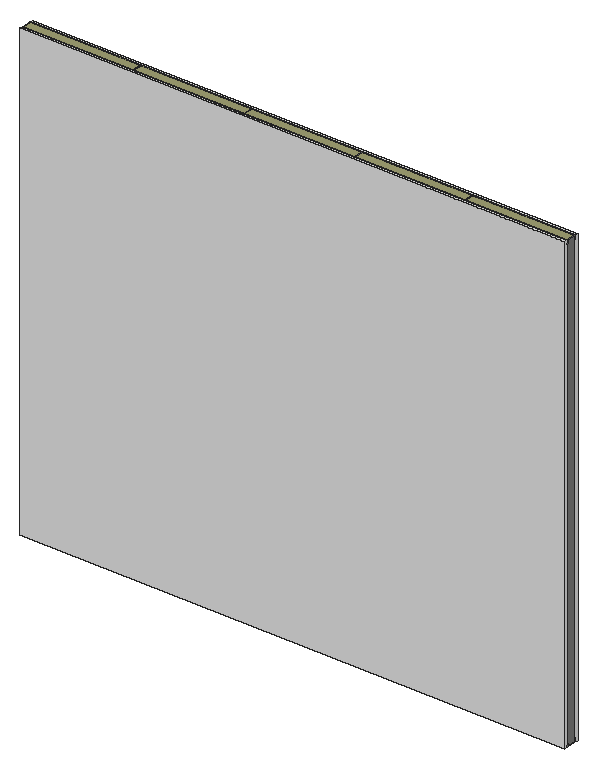
Revit family "Single layers wall system - Rigislab (STC 45_Uvalue 0.586)", category Structural Stiffeners, Revit 2020
Family settings
  OmniClass Number = 23.25.30.11.27
  OmniClass Title = Vibration and Earthquake Controls
  Cut with Voids When Loaded = No
  Shared = No
Parameters (values of type "STC 45(Plasterboard)")
  U-Value (W/m2k) = "0.586"
  U Value Report = ""
  Type of Insulation = "Glass Mineral Wool Semi-rigid slab"
  Thermal R Value = 1.4
  Thermal K Value = 0.348
  System Description = "1. Gypsum Plasterboard-12mm\r\n2. Ecowool Rigislab 50mm x 20kg/m3\r\n3. Stud 64mm r\r\n4. Gypsum Plasterboard-12mm"
  Sustainability - Same documentation for all selection = ""
  SubW [instance] = roundup([built-in parameter 1001306] / 609 mm) * 609 mm  # 3045 mm
  SubL [instance] = if([built-in parameter 1001306] > 1218 mm, No Insulation * 609 mm, if([built-in parameter 1001306] > 609 mm, 609 mm, if([built-in parameter 1001306] > 0 mm, 0 mm, No Insulation * 609 mm))) + 1 mm  # 2437 mm
  STC Report = ""
  STC No = "45"
  Remarks = "Recommended for drywall partition applications where some acoustic performance\r\nare required. Such as office & commercial environment"
  No Metal Stud [instance] = ([built-in parameter 1001306] / [Metal Stud Spacer (mm)])  # 5
  No Insulation [instance] = roundup(SubW / 609 mm) - 1  # 4
  Metal Stud Width = [Insulation Thickness (mm)]  # 55 mm
  Metal Stud Spacer (mm) = 609 mm
  Material Specification = "Ecowool Brownie RigiSlab"
  Manufacturer = "PGF Insulation Sdn. Bhd."
  MSDS = ""
  built-in parameter 1001306 [instance] = 3000 mm
  Insulation Length (mm) = 609 mm
  Insulation Thickness (mm) = 55 mm
  Installation and Workmanship- Same for all the system = ""
  Height Wall (mm) = 2500 mm
  Handling and Storage- Same for all system = ""
  Gypsum Thickness (mm) = 12.5 mm
  Finish = BROWNIE RigiSlab
  FAQ- Same for all System = ""
  Description = "Ecowool Rigislab is semi-rigid or rigid slabs of non-combustible, water repellent, glass mineral wool. They are designed to suit standard dry wall, ensuring a closed joint with adjacent slabs."
  Density = 20.00 kg/m³
  Board Material = Plaster Board
  Board 2 = no
  Board 1 = yes
  AutoCad Drawing = ""
Reference planes
  plane 1 "Center (Front/Back)": y = -12.5
  plane 2: z = 0
  plane 3 "Left": x = 0
  plane 4 "Right": x = 3000
  plane 5: z = 2500
  plane 6: x = 2437
  plane 7: x = 3046
Forms (mm)
  Extrusion 1, solid, material "BROWNIE RigiSlab" <- "Finish"
    sketch origin (0, 0, 0) x (1, 0, 0) y (0, 1, 0)
      loop
        line (2437, 15) -> (2437, -40) -> (3046, -40) -> (3046, 15) -> (2437, 15)
    from 0 to 2500
  Extrusion 2, void
    sketch origin (0, 0, 0) x (1, 0, 0) y (0, 1, 0)
      loop
        line (2999, 15) -> (2999, -40) -> (3046, -40) -> (3046, 15) -> (2999, 15)
    from -45.694 to 2779.923
Cuts and joins
  Extrusion 2 cuts Extrusion 1
Lines and regions (mm)
  reference lines
    curve 1: line (0, -12.5, 0) -> (3000, -12.5, 0)
Dimensions and locks
  "built-in parameter 1001306": plane 3 "Left" to plane 4 "Right"
  "Height Wall (mm)": plane 5 to level
  equal spacing: group 1, group 2, group 3, group 4, group 5  (x3)
  "Metal Stud Spacer (mm)": plane 3 "Left" to nested 3
  "SubL": plane 3 "Left" to plane 6
  locked: plane 6 to plane 7 at 609
  equal spacing: Extrusion 1 sketch curve, plane 1 "Center (Front/Back)", Extrusion 1 sketch curve
  "Insulation Thickness (mm)": Extrusion 1 sketch curve to Extrusion 1 sketch curve
  equal spacing: Extrusion 1, plane 1 "Center (Front/Back)", Extrusion 2 sketch curve
  "Insulation Thickness (mm)": Extrusion 2 sketch curve to Extrusion 2 sketch curve
  locked: Extrusion 2 sketch curve to plane 4 "Right" at 1
  plane 4 "Right" to plane 7 = 46 mm
  plane 6 to plane 4 "Right" = 563 mm
  equal spacing: group 6, group 7, group 8, group 9  (x3)
  equal spacing: Extrusion 2 sketch curve, Extrusion 2 sketch curve, nested 1
  aligned and locked: plane 4 "Right" to curve 1
  aligned and locked: plane 1 "Center (Front/Back)" to curve 1
  aligned and locked: plane 3 "Left" to curve 1
  aligned and locked: plane 3 "Left" to nested 1
  aligned and locked: plane 4 "Right" to nested 1
  aligned and locked: plane 5 to nested 2
  aligned and locked: plane 3 "Left" to nested 6
  aligned and locked: nested 8 to plane 4 "Right"
  aligned and locked: plane 1 "Center (Front/Back)" to nested 1
  aligned and locked: plane 1 "Center (Front/Back)" to nested 2
  aligned and locked: plane 1 "Center (Front/Back)" to nested 6
  aligned and locked: nested 8 to plane 1 "Center (Front/Back)"
  aligned and locked: nested 10 to nested 2
  aligned and locked: plane 1 "Center (Front/Back)" to nested 10
  aligned and locked: plane 7 to Extrusion 1 sketch curve
  aligned and locked: Extrusion 1 sketch curve to plane 6
  aligned and locked: plane 5 to Extrusion 1
  aligned and locked: Extrusion 1 to level
Automatic sketch dimensions
  Extrusion 2 sketch curve to plane 7 = 0 mm
Nested families
  nested 1: "Gypsum Plasterboard" at (0, -12.5, 0), type "Gypsum Plasterboard"
    with built-in parameter 1001306 3000 mm, Cement Board 2 no
  nested 2: "Metal Stud" at (0, -12.5, 0), type "Metal Stud"
    with Metal Stud Width 55 mm
  nested 3: "Metal Stud" at (609, -12.5, 0), type "Metal Stud"
    with Metal Stud Width 55 mm
  nested 4: "Metal Stud" at (1218, -12.5, 0), type "Metal Stud"
    with Metal Stud Width 55 mm
  nested 5: "Metal Stud" at (1827, -12.5, 0), type "Metal Stud"
    with Metal Stud Width 55 mm
  nested 6: "Metal Runner" at (0, -12.5, 0), type "Metal Runner"
    with Metal Runner Width 55 mm, Length Metal Runner 3000 mm
  nested 7: "Metal Runner" at (0, -12.5, 2500) x (1, 0, 0) z (0, 0, -1), type "Metal Runner"
    with Metal Runner Width 55 mm, Length Metal Runner 3000 mm
  nested 8: "Metal Stud" at (3000, -12.5, 0) x (-1, 0, 0) z (0, 0, 1), type "Metal Stud"
    with Metal Stud Width 55 mm
  nested 9: "Metal Stud" at (2436, -12.5, 0), type "Metal Stud"
    with Metal Stud Width 55 mm
  nested 10: "Insulation Brownie" at (1, -12.5, 0), type "Insulation Brownie"
    with Thickness Insulation 55 mm
  nested 11: "Insulation Brownie" at (610, -12.5, 0), type "Insulation Brownie"
    with Thickness Insulation 55 mm
  nested 12: "Insulation Brownie" at (1219, -12.5, 0), type "Insulation Brownie"
    with Thickness Insulation 55 mm
  nested 13: "Insulation Brownie" at (1828, -12.5, 0), type "Insulation Brownie"
    with Thickness Insulation 55 mm
Definition of nested family "Gypsum Plasterboard"
  Parameters (values of type "Gypsum Plasterboard")
    Platerboard (inner Layer) = 16 mm
    Manufacturer = "Rockwool"
    built-in parameter 1001306 [instance] = 1200 mm
    Insulation Width = 55 mm
    Height Wall = 2500 mm
    Gypsum Thickness = 12.5 mm
    Description = "Double layers wall system - Rigislab 5020"
    Cement Board 2 = yes
    Cement Board 1 = yes
    Board Type = none
  Reference planes
    plane 1 "Center (Front/Back)": y = 0
    plane 2: z = 0
    plane 3 "Left": x = 0
    plane 4 "Right": x = 1200
    plane 5: y = 27.5
    plane 6: y = -27.5
    plane 7: z = 2500
  Forms (mm)
    Sweep 1, solid, material <- "Board Type", visible <- "Cement Board 1"
      path origin (0, 0, 0) x (1, 0, 0) y (0, -1, 0)
        loop
          line (0, 0) -> (1200, 0)
      profile origin (600, 0, 0) x (0, 1, 0) y (0, 0, 1)
        loop
          line (27.5, 2500) -> (27.5, 0) -> (43.5, 0) -> (43.5, 2500) -> (27.5, 2500)
    Sweep 2, solid, material <- "Board Type", visible <- "Cement Board 2"
      path origin (0, 16, 0) x (1, 0, 0) y (0, -1, 0)
        loop
          line (0, 0) -> (1200, 0)
      profile origin (600, 16, 0) x (0, 1, 0) y (0, 0, 1)
        loop
          line (27.5, 2500) -> (27.5, 0) -> (40, 0) -> (40, 2500) -> (27.5, 2500)
    Sweep 3, solid, material <- "Board Type", visible <- "Cement Board 1"
      path origin (0, 0, 0) x (1, 0, 0) y (0, 1, 0)
        loop
          line (0, 0) -> (1200, 0)
      profile origin (600, 0, 0) x (0, 1, 0) y (0, 0, 1)
        loop
          line (-27.5, 2500) -> (-43.5, 2500) -> (-43.5, 0) -> (-27.5, 0) -> (-27.5, 2500)
    Sweep 4, solid, material <- "Board Type", visible <- "Cement Board 2"
      path origin (0, -16, 0) x (1, 0, 0) y (0, 1, 0)
        loop
          line (0, 0) -> (1200, 0)
      profile origin (600, -16, 0) x (0, 1, 0) y (0, 0, 1)
        loop
          line (-27.5, 2500) -> (-40, 2500) -> (-40, 0) -> (-27.5, 0) -> (-27.5, 2500)
  Lines and regions (mm)
    reference lines
      curve 1: line (0, 0, 0) -> (1200, 0, 0)
  Dimensions and locks
    "built-in parameter 1001306": plane 3 "Left" to plane 4 "Right"
    "Insulation Width": plane 6 to plane 5
    "Height Wall": level to plane 7
    "built-in parameter 1001306": Sweep 1 sketch curve to Sweep 1 sketch curve
    "Platerboard (inner Layer)": Sweep 1 sketch curve to Sweep 1 sketch curve
    "built-in parameter 1001306": Sweep 2 sketch curve to Sweep 2 sketch curve
    "Gypsum Thickness": Sweep 2 sketch curve to Sweep 2 sketch curve
    equal spacing: plane 6, plane 1 "Center (Front/Back)", plane 5
    "built-in parameter 1001306": Sweep 3 sketch curve to Sweep 3 sketch curve
    "Platerboard (inner Layer)": Sweep 3 sketch curve to Sweep 3 sketch curve
    "built-in parameter 1001306": Sweep 4 sketch curve to Sweep 4 sketch curve
    "Gypsum Thickness": Sweep 4 sketch curve to Sweep 4 sketch curve
    aligned and locked: plane 4 "Right" to curve 1
    aligned and locked: plane 1 "Center (Front/Back)" to curve 1
    aligned and locked: plane 3 "Left" to curve 1
    aligned and locked: plane 5 to Sweep 1
    aligned and locked: Sweep 2 to Sweep 2
    aligned and locked: Sweep 1 sketch curve to plane 7
    aligned and locked: Sweep 2 sketch curve to plane 7
    aligned and locked: Sweep 2 to Sweep 1
    aligned and locked: Sweep 4 to Sweep 4
    aligned and locked: Sweep 3 to Sweep 4
  Automatic sketch dimensions
    plane 1 "Center (Front/Back)" to Sweep 1 sketch curve = 0 mm
    Sweep 1 sketch curve to plane 3 "Left" = 0 mm
    Sweep 1 sketch curve to level = 0 mm
    Sweep 1 sketch curve to profile plane = 27.5 mm
    Sweep 2 sketch curve to plane 3 "Left" = 0 mm
    Sweep 2 sketch curve to plane 5 = 11.5 mm
    Sweep 2 sketch curve to level = 0 mm
    Sweep 2 sketch curve to profile plane = 27.5 mm
    plane 1 "Center (Front/Back)" to Sweep 3 sketch curve = 0 mm
    Sweep 3 sketch curve to plane 3 "Left" = 0 mm
    Sweep 3 sketch curve to level = 0 mm
    profile plane to Sweep 3 sketch curve = 43.5 mm
    Sweep 3 sketch curve to Sweep 3 sketch curve = 2500 mm
    Sweep 4 sketch curve to plane 3 "Left" = 0 mm
    Sweep 4 sketch curve to plane 6 = 11.5 mm
    Sweep 4 sketch curve to level = 0 mm
    profile plane to Sweep 4 sketch curve = 40 mm
    level to Sweep 4 sketch curve = 2500 mm
Definition of nested family "Metal Stud"
  Parameters (values of type "Metal Stud")
    Metal Stud Width = 50 mm
    Height = 2500 mm
  Reference planes
    plane 1 "Center (Front/Back)": y = 0
    plane 2: z = 0
    plane 3 "Center (Left/Right)": x = 0
    plane 4 "Center L/S": y = 25
    plane 5 "Center L/T": y = -25
    plane 6: z = 1
    plane 7: z = 2500
    plane 8: z = 2499
  Forms (mm)
    Extrusion 1, solid
      sketch origin (0, 0, 0) x (1, 0, 0) y (0, 1, 0)
        loop
          line (0, 25) -> (0, -25) -> (20, -25) -> (20, -24) -> (1, -24) -> (1, 24) -> (20, 24) -> (20, 25) -> (0, 25)
      from 1 to 2499
  Dimensions and locks
    Extrusion 1 sketch curve to Extrusion 1 sketch curve = 1 mm  (x3)
    locked: plane 8 to plane 7 at 1
    plane 1 "Center (Front/Back)" to Extrusion 1 = 25 mm
    "Height": plane 7 to level
    "Metal Stud Width": plane 5 "Center L/T" to plane 4 "Center L/S"
    equal spacing: plane 5 "Center L/T", plane 1 "Center (Front/Back)", plane 4 "Center L/S"
    locked: plane 6 to plane 2 at 1
    aligned and locked: plane 4 "Center L/S" to Extrusion 1
    aligned and locked: plane 5 "Center L/T" to Extrusion 1
    aligned and locked: plane 3 "Center (Left/Right)" to Extrusion 1
    aligned and locked: Extrusion 1 to plane 6
    aligned and locked: plane 8 to Extrusion 1
  Automatic sketch dimensions
    Extrusion 1 sketch curve to plane 3 "Center (Left/Right)" = 0 mm
    plane 4 "Center L/S" to Extrusion 1 sketch curve = 0 mm
    plane 5 "Center L/T" to Extrusion 1 sketch curve = 0 mm
    Extrusion 1 sketch curve to Extrusion 1 sketch curve = 19 mm  (x2)
Definition of nested family "Metal Runner"
  Parameters (values of type "Metal Runner")
    Metal Runner Width = 48 mm
    Length Metal Runner = 2460 mm
    Default Elevation = 1219.2 mm
  Reference planes
    plane 1 "Center (Front/Back)": y = 0
    plane 2: z = 0
    plane 3 "Center (Left/Right)": x = 0
    plane 4 "Center L/S": y = 24
    plane 5 "Center L/T": y = -24
  Forms (mm)
    Extrusion 1, solid
      sketch origin (0, 0, 0) x (0, 1, 0) y (0, 0, 1)
        loop
          line (24, 0) -> (24, 20) -> (23, 20) -> (23, 1) -> (-23, 1) -> (-23, 20) -> (-24, 20) -> (-24, 0) -> (24, 0)
      from 0 to 2460
  Dimensions and locks
    "Metal Runner Width": plane 5 "Center L/T" to plane 4 "Center L/S"
    equal spacing: plane 5 "Center L/T", plane 1 "Center (Front/Back)", plane 4 "Center L/S"
    Extrusion 1 sketch curve to Extrusion 1 sketch curve = 1 mm  (x3)
    "Length Metal Runner": Extrusion 1 to Extrusion 1
    aligned and locked: plane 4 "Center L/S" to Extrusion 1 sketch curve
    aligned and locked: Extrusion 1 sketch curve to level
    aligned and locked: plane 5 "Center L/T" to Extrusion 1 sketch curve
  Automatic sketch dimensions
    Extrusion 1 sketch curve to Extrusion 1 sketch curve = 19 mm  (x2)
Definition of nested family "Insulation Brownie"
  Parameters (values of type "Insulation Brownie")
    Thickness Insulation = 75 mm
    Length of Insulation = 609 mm
    Height of Insulation = 2500 mm
    Finish = none
  Reference planes
    plane 1 "Center (Front/Back)": y = 0
    plane 2: z = 0
    plane 3 "Center (Left/Right)": x = 0
    plane 4: z = 2500
    plane 5: y = 37.5
    plane 6: y = -37.5
  Forms (mm)
    Sweep 1, solid, material <- "Finish"
      path origin (0, 0, 0) x (1, 0, 0) y (0, 1, 0)
        loop
          line (0, 0) -> (609, 0)
      profile origin (304.5, 0, 0) x (0, 1, 0) y (0, 0, 1)
        loop
          line (37.5, 2500) -> (-37.5, 2500) -> (-37.5, 0) -> (37.5, 0) -> (37.5, 2500)
  Dimensions and locks
    "Length of Insulation": Sweep 1 sketch curve to Sweep 1 sketch curve
    "Height of Insulation": plane 4 to level
    equal spacing: plane 5, plane 1 "Center (Front/Back)", plane 6
    "Thickness Insulation": plane 5 to plane 6
    aligned and locked: plane 3 "Center (Left/Right)" to Sweep 1 sketch curve
    aligned and locked: plane 5 to Sweep 1 sketch curve
    aligned and locked: Sweep 1 sketch curve to plane 6
  Automatic sketch dimensions
    plane 1 "Center (Front/Back)" to Sweep 1 sketch curve = 0 mm
    Sweep 1 sketch curve to level = 0 mm
    Sweep 1 sketch curve to plane 4 = 0 mm
